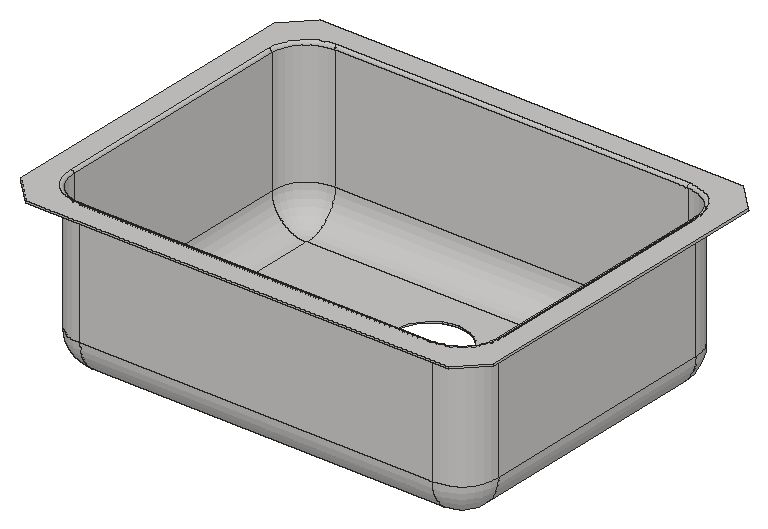
Revit family "Sink-Undermount-Acorn-SU-2116-80_Series", category Plumbing Fixtures, host Face, Revit 2019
Family settings
  Host = Face
  Round Connector Dimension = Use Diameter
  Part Type = Normal
  OmniClass Number = 23.45.05.14.14
  OmniClass Title = Sinks/Lavatories
  Cut with Voids When Loaded = No
  Shared = Yes
  Room Calculation Point = No
Parameters (values of type "SU-2116-80")
  Width = 23 1/2"  # constant formula
  Waste Connection = no
  WFU = 4  # constant formula
  Vent Connection = no
  URL = "https://www.acorneng.com/home"
  Type Comments = ""
  Product Page URL = ""
  Product Documentation Link = ""
  Model = "SU-2116-80"
  Material = "Stainless Steel-Acorn-Satin"  # constant formula
  Manufacturer = "Acorn"
  Length = 18 1/4"  # constant formula
  Installation Type = "Wall Mounted"
  Height = 8"
  HWFU = 3  # constant formula
  HW Connection = no
  Finish = Stainless Steel-Acorn-Satin
  Drain Opening Size = 3 1/2"
  Description = "Stainless Steel Undermount Sink"
  Default Elevation = 34"
  Creation Date = "23/12/2023"  # constant formula
  Compliance Certifications = "ASME A112.19.3/CSA B45.4, IAPMO® Certified"
  CWFU = 3  # constant formula
  CW Connection = no
  Bowl Width = 21"  # constant formula
  Bowl Length = 15 3/4"  # constant formula
  Assembly Code = "D2010440"
Reference planes (in)
  plane 1 "Center (Front/Back)": y = 0
  plane 2: z = 0
  plane 3 "Center (Left/Right)": x = 0
  plane 4: z = -8
  plane 5: z = 0
  plane 6: z = 0
  plane 7: z = 0
  plane 8: x = -11.75
  plane 9: x = 11.75
  plane 10: x = -10.5
  plane 11: x = 10.5
  plane 12: y = -18.25
  plane 13: y = -17
  plane 14: y = -1.25
  plane 15: y = -6.25
Forms (in)
  Extrusion 1, solid, material "Stainless Steel-Acorn-Satin" <- "Finish"
    sketch origin (-20.82594, 1.28976, -3.09717) x (1, 0, 0) y (0, 1, 0)
      loop
        circle (20.82594, -7.53976) r 1.75
      loop
        arc (12.07594, -4.22734) -> (12.03181, -4.24562) -> (12.01353, -4.28976) r 0.06242
        line (12.01353, -4.28976) -> (12.01353, -16.53976)
        arc (12.01353, -16.53976) -> (12.03181, -16.58389) -> (12.07594, -16.60218) r 0.06242
        line (12.07594, -16.60218) -> (29.57594, -16.60218)
        arc (29.57594, -16.60218) -> (29.62008, -16.58389) -> (29.63836, -16.53976) r 0.06242
        line (29.63836, -16.53976) -> (29.63836, -4.28976)
        arc (29.63836, -4.28976) -> (29.62008, -4.24562) -> (29.57594, -4.22734) r 0.06242
        line (29.57594, -4.22734) -> (12.07594, -4.22734)
    from -4.90302 to -4.84052
  Sweep 2, solid, material "Stainless Steel-Acorn-Satin" <- "Finish"
    path origin (-2.25, 0.4907, 0) x (1, 0, 0) y (0, 1, 0)
      loop
        line (-8.25, -3.4907) -> (-8.25, -15.7407)
        arc (-8.25, -15.7407) -> (-7.73744, -16.97814) -> (-6.5, -17.4907) r 1.75
        line (-6.5, -17.4907) -> (11, -17.4907)
        arc (11, -17.4907) -> (12.23744, -16.97814) -> (12.75, -15.7407) r 1.75
        line (12.75, -15.7407) -> (12.75, -3.4907)
        arc (12.75, -3.4907) -> (12.23744, -2.25326) -> (11, -1.7407) r 1.75
        line (11, -1.7407) -> (-6.5, -1.7407)
        arc (-6.5, -1.7407) -> (-7.73744, -2.25326) -> (-8.25, -3.4907) r 1.75
    profile origin (-10.5, -9.125, 0) x (1, 0, 0) y (0, 0, 1)
      loop
        line (-0.15271, 0) -> (-0.21339, 0) -> (-0.21339, -0.09698) -> (-0.11121, -0.09698)
        arc (-0.11121, -0.09698) -> (-0.07671, -0.11127) -> (-0.06242, -0.14578) r 0.0488
        line (-0.06242, -0.14578) -> (-0.06242, -6.25019)
        arc (-0.06242, -6.25019) -> (0.45015, -7.48762) -> (1.68758, -8.00019) r 1.75
        line (1.68758, -8.00019) -> (1.68758, -7.93769)
        arc (1.68758, -7.93769) -> (0.49434, -7.44343) -> (0.00008, -6.25019) r 1.6875
        line (0.00008, -6.25019) -> (0.00008, -0.15279)
        arc (0.00008, -0.15279) -> (-0.04467, -0.04475) -> (-0.15271, 0) r 0.15279
  Extrusion 3, solid, material "Stainless Steel-Acorn-Satin" <- "Finish"
    sketch origin (-2.25, 0.4907, -0.09698) x (1, 0, 0) y (0, 1, 0)
      loop
        line (-9.5, -1.7407) -> (-9.5, -17.4907) -> (-8.25, -18.7407) -> (12.75, -18.7407) -> (14, -17.4907) -> (14, -1.7407) -> (12.75, -0.4907) -> (-8.25, -0.4907) -> (-9.5, -1.7407)
      loop
        arc (-6.5, -1.52731) -> (-7.88833, -2.10238) -> (-8.46339, -3.4907) r 1.96339
        line (-8.46339, -3.4907) -> (-8.46339, -15.7407)
        arc (-8.46339, -15.7407) -> (-7.88833, -17.12903) -> (-6.5, -17.70409) r 1.96339
        line (-6.5, -17.70409) -> (11, -17.70409)
        arc (11, -17.70409) -> (12.38833, -17.12903) -> (12.96339, -15.7407) r 1.96339
        line (12.96339, -15.7407) -> (12.96339, -3.4907)
        arc (12.96339, -3.4907) -> (12.38833, -2.10238) -> (11, -1.52731) r 1.96339
        line (11, -1.52731) -> (-6.5, -1.52731)
    from 0 to 0.09698
  Extrusion 4, void
    sketch origin (-2.25, 0.2407, 0) x (1, 0, 0) y (0, 1, 0)
      loop
        line (-8.25, -0.2407) -> (-9.5, -1.4907) -> (-9.5, -17.2407) -> (-8.25, -18.4907) -> (12.75, -18.4907) -> (14, -17.2407) -> (14, -1.4907) -> (12.75, -0.2407) -> (-8.25, -0.2407)
    from -9.39189 to 0
Cuts and joins
  joined: Extrusion 1, Sweep 2, Extrusion 3
Dimensions and locks (in)
  host face to plane 4 = 8"
  "Width": plane 8 to plane 9
  plane 10 to plane 3 "Center (Left/Right)" = 10 1/2"
  "Bowl Width": plane 10 to plane 11
  "Length": plane 12 to plane 1 "Center (Front/Back)"
  plane 13 to plane 12 = 1 1/4"
  "Bowl Length": plane 14 to plane 13
  plane 14 to plane 15 = 5"
  aligned and locked: host face to plane 2
  aligned and locked: host face to level
  aligned and locked: plane 15 to Extrusion 1 sketch curve
  aligned and locked: plane 3 "Center (Left/Right)" to Extrusion 1 sketch curve
  aligned and locked: Extrusion 3 sketch curve to cut or joined group of Extrusion 1, Sweep 2, Extrusion 3  (x4)
  aligned and locked: level to Extrusion 4
Automatic sketch dimensions
  host sketch curve to host sketch curve = 161.60125"
  host sketch curve to host sketch curve = 96"
  Sweep 2 sketch curve to plane 10 = 0"
  Sweep 2 sketch curve to plane 14 = 0"
  Sweep 2 sketch curve to plane 13 = 0"
  Sweep 2 sketch curve to plane 11 = 0"
  Sweep 2 sketch curve to Sweep 2 sketch curve = 1 3/4"
  plane 10 to Sweep 2 sketch curve = 1 3/4"
  plane 11 to Sweep 2 sketch curve = 1 3/4"  (x2)
  plane 10 to Extrusion 1 sketch curve = 1 3/4"
  Extrusion 1 sketch curve to Extrusion 1 sketch curve = 0.06242"  (x4)
  plane 13 to Extrusion 1 sketch curve = 1 3/4"
  Extrusion 1 sketch curve to plane 14 = 1 3/4"
  plane 11 to Extrusion 1 sketch curve = 1 3/4"
  Extrusion 4 sketch curve to plane 10 = 0"  (x2)
  Extrusion 4 sketch curve to plane 11 = 0"  (x2)
  plane 1 "Center (Front/Back)" to Extrusion 4 sketch curve = 0"
  Extrusion 4 sketch curve to plane 9 = 0"
  Extrusion 4 sketch curve to plane 12 = 0"
  Extrusion 4 sketch curve to plane 13 = 0"  (x2)
  Extrusion 4 sketch curve to plane 14 = 0"  (x2)
  Extrusion 4 sketch curve to plane 8 = 0"
  Extrusion 3 sketch curve to plane 8 = 0"
  Extrusion 3 sketch curve to plane 10 = 0"  (x2)
  plane 1 "Center (Front/Back)" to Extrusion 3 sketch curve = 0"
  Extrusion 3 sketch curve to plane 11 = 0"  (x2)
  Extrusion 3 sketch curve to plane 9 = 0"
  Extrusion 3 sketch curve to plane 12 = 0"
  Extrusion 3 sketch curve to plane 13 = 0"  (x2)
  Extrusion 3 sketch curve to plane 14 = 0"  (x2)
  plane 10 to Extrusion 3 sketch curve = 1 3/4"  (x2)
  plane 11 to Extrusion 3 sketch curve = 1 3/4"
  Extrusion 3 sketch curve to plane 14 = 1 3/4"
  Sweep 2 sketch curve to Sweep 2 sketch curve = 0"  (x2)
  Sweep 2 sketch curve to profile plane = 0"
  profile plane to Sweep 2 sketch curve = 0.21339"
  Sweep 2 sketch curve to Sweep 2 sketch curve = 0.06068"
  Sweep 2 sketch curve to Sweep 2 sketch curve = 0.0415"
  profile plane to Sweep 2 sketch curve = 0.06242"
  Sweep 2 sketch curve to profile plane = 0.00008"
  Sweep 2 sketch curve to Sweep 2 sketch curve = 1 11/16"
  Sweep 2 sketch curve to profile plane = 6.25019"
  Sweep 2 sketch curve to Sweep 2 sketch curve = 0.00701"
  radius of Extrusion 1 sketch curve = 1 3/4"
